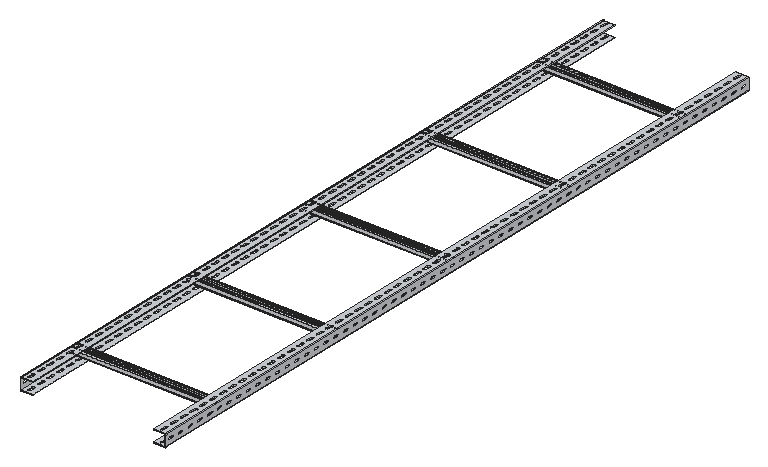
Revit family "steigeleiter_6_FT_FTSO_FTK_A2_A4.600rfa", category Generic Models, Revit 2017
Family settings
  Can host rebar = No
  Round Connector Dimension = Use Diameter
  Part Type = Normal
  Work Plane-Based = No
  Always vertical = Yes
  Cut with Voids When Loaded = No
  Shared = No
  Room Calculation Point = No
Parameters (values of type "SLM50C40 6FTK RW")
  Width 1 = Width / 2  # 300 mm
  Width = 600 mm
  URL = "http://www.obo-bettermann.com"
  Material = Polyester / Epoxid
  Manufacturer Art.No. = "6010581"
  Manufacturer = "OBO BETTERMANN"
  Length 2 = 273.5 mm
  Length = 3000 mm
  GTIN = "4012196691357"
  Cut's space 2 = 600 mm
  Cut's space = 50 mm
  Cut's number 3 = 2
  Cut's number 2 = 5
  Cut's number = Length / Cut's space  # 60
  Article Type = "SLM50C40 6FTK RW"
Reference planes
  plane 1 "Center (Front/Back)": y = 0
  plane 2: z = 0
  plane 3 "Center (Left/Right)": x = 0
  plane 4: z = 50
  plane 5: y = 3000
  plane 6: y = 273.5
Forms (mm)
  Extrusion 1, solid
    sketch origin (0, 0, 0) x (1, 0, 0) y (0, 0, 1)
      loop
        arc (-296, 2.5) -> (-297.061, 2.939) -> (-297.5, 4) r 1.5
        line (-297.5, 4) -> (-297.5, 46)
        arc (-297.5, 46) -> (-297.061, 47.061) -> (-296, 47.5) r 1.5
        line (-296, 47.5) -> (-250, 47.5) -> (-250, 50) -> (-296, 50)
        arc (-296, 50) -> (-298.828, 48.828) -> (-300, 46) r 4
        line (-300, 46) -> (-300, 4)
        arc (-300, 4) -> (-298.828, 1.172) -> (-296, 0) r 4
        line (-296, 0) -> (-250, 0) -> (-250, 2.5) -> (-296, 2.5)
      loop
        line (250, 50) -> (250, 47.5) -> (296, 47.5)
        arc (296, 47.5) -> (297.061, 47.061) -> (297.5, 46) r 1.5
        line (297.5, 46) -> (297.5, 4)
        arc (297.5, 4) -> (297.061, 2.939) -> (296, 2.5) r 1.5
        line (296, 2.5) -> (250, 2.5) -> (250, 0) -> (299.273, 0)
        arc (299.273, 0) -> (299.787, 0.213) -> (300, 0.727) r 0.727
        line (300, 0.727) -> (300, 47.011)
        arc (300, 47.011) -> (299.124, 49.124) -> (297.011, 50) r 2.989
        line (297.011, 50) -> (250, 50)
    from 0 to -3000
  Extrusion 2, void
    sketch origin (0, 0, 0) x (1, 0, 0) y (0, 1, 0)
      loop
        arc (-280.5, 15.5) -> (-275, 10) -> (-269.5, 15.5) r 5.5
        line (-269.5, 15.5) -> (-269.5, 34.5)
        arc (-269.5, 34.5) -> (-275, 40) -> (-280.5, 34.5) r 5.5
        line (-280.5, 34.5) -> (-280.5, 15.5)
    from 47.5 to 50
  Extrusion 3, void
    sketch origin (0, 50, 0) x (1, 0, 0) y (0, 1, 0)
      loop
        arc (-280.5, 15.5) -> (-275, 10) -> (-269.5, 15.5) r 5.5
        line (-269.5, 15.5) -> (-269.5, 34.5)
        arc (-269.5, 34.5) -> (-275, 40) -> (-280.5, 34.5) r 5.5
        line (-280.5, 34.5) -> (-280.5, 15.5)
    from 47.5 to 50
  Extrusion 4, void
    sketch origin (0, 100, 0) x (1, 0, 0) y (0, 1, 0)
      loop
        arc (-280.5, 15.5) -> (-275, 10) -> (-269.5, 15.5) r 5.5
        line (-269.5, 15.5) -> (-269.5, 34.5)
        arc (-269.5, 34.5) -> (-275, 40) -> (-280.5, 34.5) r 5.5
        line (-280.5, 34.5) -> (-280.5, 15.5)
    from 47.5 to 50
  Extrusion 5, void
    sketch origin (0, 150, 0) x (1, 0, 0) y (0, 1, 0)
      loop
        arc (-280.5, 15.5) -> (-275, 10) -> (-269.5, 15.5) r 5.5
        line (-269.5, 15.5) -> (-269.5, 34.5)
        arc (-269.5, 34.5) -> (-275, 40) -> (-280.5, 34.5) r 5.5
        line (-280.5, 34.5) -> (-280.5, 15.5)
    from 47.5 to 50
  Extrusion 6, void
    sketch origin (0, 200, 0) x (1, 0, 0) y (0, 1, 0)
      loop
        arc (-280.5, 15.5) -> (-275, 10) -> (-269.5, 15.5) r 5.5
        line (-269.5, 15.5) -> (-269.5, 34.5)
        arc (-269.5, 34.5) -> (-275, 40) -> (-280.5, 34.5) r 5.5
        line (-280.5, 34.5) -> (-280.5, 15.5)
    from 47.5 to 50
  Extrusion 7, void
    sketch origin (0, 250, 0) x (1, 0, 0) y (0, 1, 0)
      loop
        arc (-280.5, 15.5) -> (-275, 10) -> (-269.5, 15.5) r 5.5
        line (-269.5, 15.5) -> (-269.5, 34.5)
        arc (-269.5, 34.5) -> (-275, 40) -> (-280.5, 34.5) r 5.5
        line (-280.5, 34.5) -> (-280.5, 15.5)
    from 47.5 to 50
  Extrusion 8, void
    sketch origin (0, 300, 0) x (1, 0, 0) y (0, 1, 0)
      loop
        arc (-280.5, 15.5) -> (-275, 10) -> (-269.5, 15.5) r 5.5
        line (-269.5, 15.5) -> (-269.5, 34.5)
        arc (-269.5, 34.5) -> (-275, 40) -> (-280.5, 34.5) r 5.5
        line (-280.5, 34.5) -> (-280.5, 15.5)
    from 47.5 to 50
  Extrusion 9, void
    sketch origin (0, 350, 0) x (1, 0, 0) y (0, 1, 0)
      loop
        arc (-280.5, 15.5) -> (-275, 10) -> (-269.5, 15.5) r 5.5
        line (-269.5, 15.5) -> (-269.5, 34.5)
        arc (-269.5, 34.5) -> (-275, 40) -> (-280.5, 34.5) r 5.5
        line (-280.5, 34.5) -> (-280.5, 15.5)
    from 47.5 to 50
  Extrusion 10, void
    sketch origin (0, 400, 0) x (1, 0, 0) y (0, 1, 0)
      loop
        arc (-280.5, 15.5) -> (-275, 10) -> (-269.5, 15.5) r 5.5
        line (-269.5, 15.5) -> (-269.5, 34.5)
        arc (-269.5, 34.5) -> (-275, 40) -> (-280.5, 34.5) r 5.5
        line (-280.5, 34.5) -> (-280.5, 15.5)
    from 47.5 to 50
  Extrusion 11, void
    sketch origin (0, 450, 0) x (1, 0, 0) y (0, 1, 0)
      loop
        arc (-280.5, 15.5) -> (-275, 10) -> (-269.5, 15.5) r 5.5
        line (-269.5, 15.5) -> (-269.5, 34.5)
        arc (-269.5, 34.5) -> (-275, 40) -> (-280.5, 34.5) r 5.5
        line (-280.5, 34.5) -> (-280.5, 15.5)
    from 47.5 to 50
  Extrusion 12, void
    sketch origin (0, 500, 0) x (1, 0, 0) y (0, 1, 0)
      loop
        arc (-280.5, 15.5) -> (-275, 10) -> (-269.5, 15.5) r 5.5
        line (-269.5, 15.5) -> (-269.5, 34.5)
        arc (-269.5, 34.5) -> (-275, 40) -> (-280.5, 34.5) r 5.5
        line (-280.5, 34.5) -> (-280.5, 15.5)
    from 47.5 to 50
  Extrusion 13, void
    sketch origin (0, 550, 0) x (1, 0, 0) y (0, 1, 0)
      loop
        arc (-280.5, 15.5) -> (-275, 10) -> (-269.5, 15.5) r 5.5
        line (-269.5, 15.5) -> (-269.5, 34.5)
        arc (-269.5, 34.5) -> (-275, 40) -> (-280.5, 34.5) r 5.5
        line (-280.5, 34.5) -> (-280.5, 15.5)
    from 47.5 to 50
  Extrusion 14, void
    sketch origin (0, 600, 0) x (1, 0, 0) y (0, 1, 0)
      loop
        arc (-280.5, 15.5) -> (-275, 10) -> (-269.5, 15.5) r 5.5
        line (-269.5, 15.5) -> (-269.5, 34.5)
        arc (-269.5, 34.5) -> (-275, 40) -> (-280.5, 34.5) r 5.5
        line (-280.5, 34.5) -> (-280.5, 15.5)
    from 47.5 to 50
  Extrusion 15, void
    sketch origin (0, 650, 0) x (1, 0, 0) y (0, 1, 0)
      loop
        arc (-280.5, 15.5) -> (-275, 10) -> (-269.5, 15.5) r 5.5
        line (-269.5, 15.5) -> (-269.5, 34.5)
        arc (-269.5, 34.5) -> (-275, 40) -> (-280.5, 34.5) r 5.5
        line (-280.5, 34.5) -> (-280.5, 15.5)
    from 47.5 to 50
  Extrusion 16, void
    sketch origin (0, 700, 0) x (1, 0, 0) y (0, 1, 0)
      loop
        arc (-280.5, 15.5) -> (-275, 10) -> (-269.5, 15.5) r 5.5
        line (-269.5, 15.5) -> (-269.5, 34.5)
        arc (-269.5, 34.5) -> (-275, 40) -> (-280.5, 34.5) r 5.5
        line (-280.5, 34.5) -> (-280.5, 15.5)
    from 47.5 to 50
  Extrusion 17, void
    sketch origin (0, 750, 0) x (1, 0, 0) y (0, 1, 0)
      loop
        arc (-280.5, 15.5) -> (-275, 10) -> (-269.5, 15.5) r 5.5
        line (-269.5, 15.5) -> (-269.5, 34.5)
        arc (-269.5, 34.5) -> (-275, 40) -> (-280.5, 34.5) r 5.5
        line (-280.5, 34.5) -> (-280.5, 15.5)
    from 47.5 to 50
  Extrusion 18, void
    sketch origin (0, 800, 0) x (1, 0, 0) y (0, 1, 0)
      loop
        arc (-280.5, 15.5) -> (-275, 10) -> (-269.5, 15.5) r 5.5
        line (-269.5, 15.5) -> (-269.5, 34.5)
        arc (-269.5, 34.5) -> (-275, 40) -> (-280.5, 34.5) r 5.5
        line (-280.5, 34.5) -> (-280.5, 15.5)
    from 47.5 to 50
  Extrusion 19, void
    sketch origin (0, 850, 0) x (1, 0, 0) y (0, 1, 0)
      loop
        arc (-280.5, 15.5) -> (-275, 10) -> (-269.5, 15.5) r 5.5
        line (-269.5, 15.5) -> (-269.5, 34.5)
        arc (-269.5, 34.5) -> (-275, 40) -> (-280.5, 34.5) r 5.5
        line (-280.5, 34.5) -> (-280.5, 15.5)
    from 47.5 to 50
  Extrusion 20, void
    sketch origin (0, 900, 0) x (1, 0, 0) y (0, 1, 0)
      loop
        arc (-280.5, 15.5) -> (-275, 10) -> (-269.5, 15.5) r 5.5
        line (-269.5, 15.5) -> (-269.5, 34.5)
        arc (-269.5, 34.5) -> (-275, 40) -> (-280.5, 34.5) r 5.5
        line (-280.5, 34.5) -> (-280.5, 15.5)
    from 47.5 to 50
  Extrusion 21, void
    sketch origin (0, 950, 0) x (1, 0, 0) y (0, 1, 0)
      loop
        arc (-280.5, 15.5) -> (-275, 10) -> (-269.5, 15.5) r 5.5
        line (-269.5, 15.5) -> (-269.5, 34.5)
        arc (-269.5, 34.5) -> (-275, 40) -> (-280.5, 34.5) r 5.5
        line (-280.5, 34.5) -> (-280.5, 15.5)
    from 47.5 to 50
  Extrusion 22, void
    sketch origin (0, 1000, 0) x (1, 0, 0) y (0, 1, 0)
      loop
        arc (-280.5, 15.5) -> (-275, 10) -> (-269.5, 15.5) r 5.5
        line (-269.5, 15.5) -> (-269.5, 34.5)
        arc (-269.5, 34.5) -> (-275, 40) -> (-280.5, 34.5) r 5.5
        line (-280.5, 34.5) -> (-280.5, 15.5)
    from 47.5 to 50
  Extrusion 23, void
    sketch origin (0, 1050, 0) x (1, 0, 0) y (0, 1, 0)
      loop
        arc (-280.5, 15.5) -> (-275, 10) -> (-269.5, 15.5) r 5.5
        line (-269.5, 15.5) -> (-269.5, 34.5)
        arc (-269.5, 34.5) -> (-275, 40) -> (-280.5, 34.5) r 5.5
        line (-280.5, 34.5) -> (-280.5, 15.5)
    from 47.5 to 50
  Extrusion 24, void
    sketch origin (0, 1100, 0) x (1, 0, 0) y (0, 1, 0)
      loop
        arc (-280.5, 15.5) -> (-275, 10) -> (-269.5, 15.5) r 5.5
        line (-269.5, 15.5) -> (-269.5, 34.5)
        arc (-269.5, 34.5) -> (-275, 40) -> (-280.5, 34.5) r 5.5
        line (-280.5, 34.5) -> (-280.5, 15.5)
    from 47.5 to 50
  Extrusion 25, void
    sketch origin (0, 1150, 0) x (1, 0, 0) y (0, 1, 0)
      loop
        arc (-280.5, 15.5) -> (-275, 10) -> (-269.5, 15.5) r 5.5
        line (-269.5, 15.5) -> (-269.5, 34.5)
        arc (-269.5, 34.5) -> (-275, 40) -> (-280.5, 34.5) r 5.5
        line (-280.5, 34.5) -> (-280.5, 15.5)
    from 47.5 to 50
  Extrusion 26, void
    sketch origin (0, 1200, 0) x (1, 0, 0) y (0, 1, 0)
      loop
        arc (-280.5, 15.5) -> (-275, 10) -> (-269.5, 15.5) r 5.5
        line (-269.5, 15.5) -> (-269.5, 34.5)
        arc (-269.5, 34.5) -> (-275, 40) -> (-280.5, 34.5) r 5.5
        line (-280.5, 34.5) -> (-280.5, 15.5)
    from 47.5 to 50
  Extrusion 27, void
    sketch origin (0, 1250, 0) x (1, 0, 0) y (0, 1, 0)
      loop
        arc (-280.5, 15.5) -> (-275, 10) -> (-269.5, 15.5) r 5.5
        line (-269.5, 15.5) -> (-269.5, 34.5)
        arc (-269.5, 34.5) -> (-275, 40) -> (-280.5, 34.5) r 5.5
        line (-280.5, 34.5) -> (-280.5, 15.5)
    from 47.5 to 50
  Extrusion 28, void
    sketch origin (0, 1300, 0) x (1, 0, 0) y (0, 1, 0)
      loop
        arc (-280.5, 15.5) -> (-275, 10) -> (-269.5, 15.5) r 5.5
        line (-269.5, 15.5) -> (-269.5, 34.5)
        arc (-269.5, 34.5) -> (-275, 40) -> (-280.5, 34.5) r 5.5
        line (-280.5, 34.5) -> (-280.5, 15.5)
    from 47.5 to 50
  Extrusion 29, void
    sketch origin (0, 1350, 0) x (1, 0, 0) y (0, 1, 0)
      loop
        arc (-280.5, 15.5) -> (-275, 10) -> (-269.5, 15.5) r 5.5
        line (-269.5, 15.5) -> (-269.5, 34.5)
        arc (-269.5, 34.5) -> (-275, 40) -> (-280.5, 34.5) r 5.5
        line (-280.5, 34.5) -> (-280.5, 15.5)
    from 47.5 to 50
  Extrusion 30, void
    sketch origin (0, 1400, 0) x (1, 0, 0) y (0, 1, 0)
      loop
        arc (-280.5, 15.5) -> (-275, 10) -> (-269.5, 15.5) r 5.5
        line (-269.5, 15.5) -> (-269.5, 34.5)
        arc (-269.5, 34.5) -> (-275, 40) -> (-280.5, 34.5) r 5.5
        line (-280.5, 34.5) -> (-280.5, 15.5)
    from 47.5 to 50
  Extrusion 31, void
    sketch origin (0, 1450, 0) x (1, 0, 0) y (0, 1, 0)
      loop
        arc (-280.5, 15.5) -> (-275, 10) -> (-269.5, 15.5) r 5.5
        line (-269.5, 15.5) -> (-269.5, 34.5)
        arc (-269.5, 34.5) -> (-275, 40) -> (-280.5, 34.5) r 5.5
        line (-280.5, 34.5) -> (-280.5, 15.5)
    from 47.5 to 50
  Extrusion 32, void
    sketch origin (0, 1500, 0) x (1, 0, 0) y (0, 1, 0)
      loop
        arc (-280.5, 15.5) -> (-275, 10) -> (-269.5, 15.5) r 5.5
        line (-269.5, 15.5) -> (-269.5, 34.5)
        arc (-269.5, 34.5) -> (-275, 40) -> (-280.5, 34.5) r 5.5
        line (-280.5, 34.5) -> (-280.5, 15.5)
    from 47.5 to 50
  Extrusion 33, void
    sketch origin (0, 1550, 0) x (1, 0, 0) y (0, 1, 0)
      loop
        arc (-280.5, 15.5) -> (-275, 10) -> (-269.5, 15.5) r 5.5
        line (-269.5, 15.5) -> (-269.5, 34.5)
        arc (-269.5, 34.5) -> (-275, 40) -> (-280.5, 34.5) r 5.5
        line (-280.5, 34.5) -> (-280.5, 15.5)
    from 47.5 to 50
  Extrusion 34, void
    sketch origin (0, 1600, 0) x (1, 0, 0) y (0, 1, 0)
      loop
        arc (-280.5, 15.5) -> (-275, 10) -> (-269.5, 15.5) r 5.5
        line (-269.5, 15.5) -> (-269.5, 34.5)
        arc (-269.5, 34.5) -> (-275, 40) -> (-280.5, 34.5) r 5.5
        line (-280.5, 34.5) -> (-280.5, 15.5)
    from 47.5 to 50
  Extrusion 35, void
    sketch origin (0, 1650, 0) x (1, 0, 0) y (0, 1, 0)
      loop
        arc (-280.5, 15.5) -> (-275, 10) -> (-269.5, 15.5) r 5.5
        line (-269.5, 15.5) -> (-269.5, 34.5)
        arc (-269.5, 34.5) -> (-275, 40) -> (-280.5, 34.5) r 5.5
        line (-280.5, 34.5) -> (-280.5, 15.5)
    from 47.5 to 50
  Extrusion 36, void
    sketch origin (0, 1700, 0) x (1, 0, 0) y (0, 1, 0)
      loop
        arc (-280.5, 15.5) -> (-275, 10) -> (-269.5, 15.5) r 5.5
        line (-269.5, 15.5) -> (-269.5, 34.5)
        arc (-269.5, 34.5) -> (-275, 40) -> (-280.5, 34.5) r 5.5
        line (-280.5, 34.5) -> (-280.5, 15.5)
    from 47.5 to 50
  Extrusion 37, void
    sketch origin (0, 1750, 0) x (1, 0, 0) y (0, 1, 0)
      loop
        arc (-280.5, 15.5) -> (-275, 10) -> (-269.5, 15.5) r 5.5
        line (-269.5, 15.5) -> (-269.5, 34.5)
        arc (-269.5, 34.5) -> (-275, 40) -> (-280.5, 34.5) r 5.5
        line (-280.5, 34.5) -> (-280.5, 15.5)
    from 47.5 to 50
  Extrusion 38, void
    sketch origin (0, 1800, 0) x (1, 0, 0) y (0, 1, 0)
      loop
        arc (-280.5, 15.5) -> (-275, 10) -> (-269.5, 15.5) r 5.5
        line (-269.5, 15.5) -> (-269.5, 34.5)
        arc (-269.5, 34.5) -> (-275, 40) -> (-280.5, 34.5) r 5.5
        line (-280.5, 34.5) -> (-280.5, 15.5)
    from 47.5 to 50
  Extrusion 39, void
    sketch origin (0, 1850, 0) x (1, 0, 0) y (0, 1, 0)
      loop
        arc (-280.5, 15.5) -> (-275, 10) -> (-269.5, 15.5) r 5.5
        line (-269.5, 15.5) -> (-269.5, 34.5)
        arc (-269.5, 34.5) -> (-275, 40) -> (-280.5, 34.5) r 5.5
        line (-280.5, 34.5) -> (-280.5, 15.5)
    from 47.5 to 50
  Extrusion 40, void
    sketch origin (0, 1900, 0) x (1, 0, 0) y (0, 1, 0)
      loop
        arc (-280.5, 15.5) -> (-275, 10) -> (-269.5, 15.5) r 5.5
        line (-269.5, 15.5) -> (-269.5, 34.5)
        arc (-269.5, 34.5) -> (-275, 40) -> (-280.5, 34.5) r 5.5
        line (-280.5, 34.5) -> (-280.5, 15.5)
    from 47.5 to 50
  Extrusion 41, void
    sketch origin (0, 1950, 0) x (1, 0, 0) y (0, 1, 0)
      loop
        arc (-280.5, 15.5) -> (-275, 10) -> (-269.5, 15.5) r 5.5
        line (-269.5, 15.5) -> (-269.5, 34.5)
        arc (-269.5, 34.5) -> (-275, 40) -> (-280.5, 34.5) r 5.5
        line (-280.5, 34.5) -> (-280.5, 15.5)
    from 47.5 to 50
  Extrusion 42, void
    sketch origin (0, 2000, 0) x (1, 0, 0) y (0, 1, 0)
      loop
        arc (-280.5, 15.5) -> (-275, 10) -> (-269.5, 15.5) r 5.5
        line (-269.5, 15.5) -> (-269.5, 34.5)
        arc (-269.5, 34.5) -> (-275, 40) -> (-280.5, 34.5) r 5.5
        line (-280.5, 34.5) -> (-280.5, 15.5)
    from 47.5 to 50
  Extrusion 43, void
    sketch origin (0, 2050, 0) x (1, 0, 0) y (0, 1, 0)
      loop
        arc (-280.5, 15.5) -> (-275, 10) -> (-269.5, 15.5) r 5.5
        line (-269.5, 15.5) -> (-269.5, 34.5)
        arc (-269.5, 34.5) -> (-275, 40) -> (-280.5, 34.5) r 5.5
        line (-280.5, 34.5) -> (-280.5, 15.5)
    from 47.5 to 50
  Extrusion 44, void
    sketch origin (0, 2100, 0) x (1, 0, 0) y (0, 1, 0)
      loop
        arc (-280.5, 15.5) -> (-275, 10) -> (-269.5, 15.5) r 5.5
        line (-269.5, 15.5) -> (-269.5, 34.5)
        arc (-269.5, 34.5) -> (-275, 40) -> (-280.5, 34.5) r 5.5
        line (-280.5, 34.5) -> (-280.5, 15.5)
    from 47.5 to 50
  Extrusion 45, void
    sketch origin (0, 2150, 0) x (1, 0, 0) y (0, 1, 0)
      loop
        arc (-280.5, 15.5) -> (-275, 10) -> (-269.5, 15.5) r 5.5
        line (-269.5, 15.5) -> (-269.5, 34.5)
        arc (-269.5, 34.5) -> (-275, 40) -> (-280.5, 34.5) r 5.5
        line (-280.5, 34.5) -> (-280.5, 15.5)
    from 47.5 to 50
  Extrusion 46, void
    sketch origin (0, 2200, 0) x (1, 0, 0) y (0, 1, 0)
      loop
        arc (-280.5, 15.5) -> (-275, 10) -> (-269.5, 15.5) r 5.5
        line (-269.5, 15.5) -> (-269.5, 34.5)
        arc (-269.5, 34.5) -> (-275, 40) -> (-280.5, 34.5) r 5.5
        line (-280.5, 34.5) -> (-280.5, 15.5)
    from 47.5 to 50
  Extrusion 47, void
    sketch origin (0, 2250, 0) x (1, 0, 0) y (0, 1, 0)
      loop
        arc (-280.5, 15.5) -> (-275, 10) -> (-269.5, 15.5) r 5.5
        line (-269.5, 15.5) -> (-269.5, 34.5)
        arc (-269.5, 34.5) -> (-275, 40) -> (-280.5, 34.5) r 5.5
        line (-280.5, 34.5) -> (-280.5, 15.5)
    from 47.5 to 50
  Extrusion 48, void
    sketch origin (0, 2300, 0) x (1, 0, 0) y (0, 1, 0)
      loop
        arc (-280.5, 15.5) -> (-275, 10) -> (-269.5, 15.5) r 5.5
        line (-269.5, 15.5) -> (-269.5, 34.5)
        arc (-269.5, 34.5) -> (-275, 40) -> (-280.5, 34.5) r 5.5
        line (-280.5, 34.5) -> (-280.5, 15.5)
    from 47.5 to 50
  Extrusion 49, void
    sketch origin (0, 2350, 0) x (1, 0, 0) y (0, 1, 0)
      loop
        arc (-280.5, 15.5) -> (-275, 10) -> (-269.5, 15.5) r 5.5
        line (-269.5, 15.5) -> (-269.5, 34.5)
        arc (-269.5, 34.5) -> (-275, 40) -> (-280.5, 34.5) r 5.5
        line (-280.5, 34.5) -> (-280.5, 15.5)
    from 47.5 to 50
  Extrusion 50, void
    sketch origin (0, 2400, 0) x (1, 0, 0) y (0, 1, 0)
      loop
        arc (-280.5, 15.5) -> (-275, 10) -> (-269.5, 15.5) r 5.5
        line (-269.5, 15.5) -> (-269.5, 34.5)
        arc (-269.5, 34.5) -> (-275, 40) -> (-280.5, 34.5) r 5.5
        line (-280.5, 34.5) -> (-280.5, 15.5)
    from 47.5 to 50
  Extrusion 51, void
    sketch origin (0, 2450, 0) x (1, 0, 0) y (0, 1, 0)
      loop
        arc (-280.5, 15.5) -> (-275, 10) -> (-269.5, 15.5) r 5.5
        line (-269.5, 15.5) -> (-269.5, 34.5)
        arc (-269.5, 34.5) -> (-275, 40) -> (-280.5, 34.5) r 5.5
        line (-280.5, 34.5) -> (-280.5, 15.5)
    from 47.5 to 50
  Extrusion 52, void
    sketch origin (0, 2500, 0) x (1, 0, 0) y (0, 1, 0)
      loop
        arc (-280.5, 15.5) -> (-275, 10) -> (-269.5, 15.5) r 5.5
        line (-269.5, 15.5) -> (-269.5, 34.5)
        arc (-269.5, 34.5) -> (-275, 40) -> (-280.5, 34.5) r 5.5
        line (-280.5, 34.5) -> (-280.5, 15.5)
    from 47.5 to 50
  Extrusion 53, void
    sketch origin (0, 2550, 0) x (1, 0, 0) y (0, 1, 0)
      loop
        arc (-280.5, 15.5) -> (-275, 10) -> (-269.5, 15.5) r 5.5
        line (-269.5, 15.5) -> (-269.5, 34.5)
        arc (-269.5, 34.5) -> (-275, 40) -> (-280.5, 34.5) r 5.5
        line (-280.5, 34.5) -> (-280.5, 15.5)
    from 47.5 to 50
  Extrusion 54, void
    sketch origin (0, 2600, 0) x (1, 0, 0) y (0, 1, 0)
      loop
        arc (-280.5, 15.5) -> (-275, 10) -> (-269.5, 15.5) r 5.5
        line (-269.5, 15.5) -> (-269.5, 34.5)
        arc (-269.5, 34.5) -> (-275, 40) -> (-280.5, 34.5) r 5.5
        line (-280.5, 34.5) -> (-280.5, 15.5)
    from 47.5 to 50
  Extrusion 55, void
    sketch origin (0, 2650, 0) x (1, 0, 0) y (0, 1, 0)
      loop
        arc (-280.5, 15.5) -> (-275, 10) -> (-269.5, 15.5) r 5.5
        line (-269.5, 15.5) -> (-269.5, 34.5)
        arc (-269.5, 34.5) -> (-275, 40) -> (-280.5, 34.5) r 5.5
        line (-280.5, 34.5) -> (-280.5, 15.5)
    from 47.5 to 50
  Extrusion 56, void
    sketch origin (0, 2700, 0) x (1, 0, 0) y (0, 1, 0)
      loop
        arc (-280.5, 15.5) -> (-275, 10) -> (-269.5, 15.5) r 5.5
        line (-269.5, 15.5) -> (-269.5, 34.5)
        arc (-269.5, 34.5) -> (-275, 40) -> (-280.5, 34.5) r 5.5
        line (-280.5, 34.5) -> (-280.5, 15.5)
    from 47.5 to 50
  Extrusion 57, void
    sketch origin (0, 2750, 0) x (1, 0, 0) y (0, 1, 0)
      loop
        arc (-280.5, 15.5) -> (-275, 10) -> (-269.5, 15.5) r 5.5
        line (-269.5, 15.5) -> (-269.5, 34.5)
        arc (-269.5, 34.5) -> (-275, 40) -> (-280.5, 34.5) r 5.5
        line (-280.5, 34.5) -> (-280.5, 15.5)
    from 47.5 to 50
  Extrusion 58, void
    sketch origin (0, 2800, 0) x (1, 0, 0) y (0, 1, 0)
      loop
        arc (-280.5, 15.5) -> (-275, 10) -> (-269.5, 15.5) r 5.5
        line (-269.5, 15.5) -> (-269.5, 34.5)
        arc (-269.5, 34.5) -> (-275, 40) -> (-280.5, 34.5) r 5.5
        line (-280.5, 34.5) -> (-280.5, 15.5)
    from 47.5 to 50
  Extrusion 59, void
    sketch origin (0, 2850, 0) x (1, 0, 0) y (0, 1, 0)
      loop
        arc (-280.5, 15.5) -> (-275, 10) -> (-269.5, 15.5) r 5.5
        line (-269.5, 15.5) -> (-269.5, 34.5)
        arc (-269.5, 34.5) -> (-275, 40) -> (-280.5, 34.5) r 5.5
        line (-280.5, 34.5) -> (-280.5, 15.5)
    from 47.5 to 50
  Extrusion 60, void
    sketch origin (0, 2900, 0) x (1, 0, 0) y (0, 1, 0)
      loop
        arc (-280.5, 15.5) -> (-275, 10) -> (-269.5, 15.5) r 5.5
        line (-269.5, 15.5) -> (-269.5, 34.5)
        arc (-269.5, 34.5) -> (-275, 40) -> (-280.5, 34.5) r 5.5
        line (-280.5, 34.5) -> (-280.5, 15.5)
    from 47.5 to 50
  Extrusion 61, void
    sketch origin (0, 2950, 0) x (1, 0, 0) y (0, 1, 0)
      loop
        arc (-280.5, 15.5) -> (-275, 10) -> (-269.5, 15.5) r 5.5
        line (-269.5, 15.5) -> (-269.5, 34.5)
        arc (-269.5, 34.5) -> (-275, 40) -> (-280.5, 34.5) r 5.5
        line (-280.5, 34.5) -> (-280.5, 15.5)
    from 47.5 to 50
  Extrusion 62, void
    sketch origin (0, 0, 0) x (1, 0, 0) y (0, 1, 0)
      loop
        arc (269.5, 15.5) -> (275, 10) -> (280.5, 15.5) r 5.5
        line (280.5, 15.5) -> (280.5, 34.5)
        arc (280.5, 34.5) -> (275, 40) -> (269.5, 34.5) r 5.5
        line (269.5, 34.5) -> (269.5, 15.5)
    from 47.5 to 50
  Extrusion 63, void
    sketch origin (0, 50, 0) x (1, 0, 0) y (0, 1, 0)
      loop
        arc (269.5, 15.5) -> (275, 10) -> (280.5, 15.5) r 5.5
        line (280.5, 15.5) -> (280.5, 34.5)
        arc (280.5, 34.5) -> (275, 40) -> (269.5, 34.5) r 5.5
        line (269.5, 34.5) -> (269.5, 15.5)
    from 47.5 to 50
  Extrusion 64, void
    sketch origin (0, 100, 0) x (1, 0, 0) y (0, 1, 0)
      loop
        arc (269.5, 15.5) -> (275, 10) -> (280.5, 15.5) r 5.5
        line (280.5, 15.5) -> (280.5, 34.5)
        arc (280.5, 34.5) -> (275, 40) -> (269.5, 34.5) r 5.5
        line (269.5, 34.5) -> (269.5, 15.5)
    from 47.5 to 50
  Extrusion 65, void
    sketch origin (0, 150, 0) x (1, 0, 0) y (0, 1, 0)
      loop
        arc (269.5, 15.5) -> (275, 10) -> (280.5, 15.5) r 5.5
        line (280.5, 15.5) -> (280.5, 34.5)
        arc (280.5, 34.5) -> (275, 40) -> (269.5, 34.5) r 5.5
        line (269.5, 34.5) -> (269.5, 15.5)
    from 47.5 to 50
  Extrusion 66, void
    sketch origin (0, 200, 0) x (1, 0, 0) y (0, 1, 0)
      loop
        arc (269.5, 15.5) -> (275, 10) -> (280.5, 15.5) r 5.5
        line (280.5, 15.5) -> (280.5, 34.5)
        arc (280.5, 34.5) -> (275, 40) -> (269.5, 34.5) r 5.5
        line (269.5, 34.5) -> (269.5, 15.5)
    from 47.5 to 50
  Extrusion 67, void
    sketch origin (0, 250, 0) x (1, 0, 0) y (0, 1, 0)
      loop
        arc (269.5, 15.5) -> (275, 10) -> (280.5, 15.5) r 5.5
        line (280.5, 15.5) -> (280.5, 34.5)
        arc (280.5, 34.5) -> (275, 40) -> (269.5, 34.5) r 5.5
        line (269.5, 34.5) -> (269.5, 15.5)
    from 47.5 to 50
  Extrusion 68, void
    sketch origin (0, 300, 0) x (1, 0, 0) y (0, 1, 0)
      loop
        arc (269.5, 15.5) -> (275, 10) -> (280.5, 15.5) r 5.5
        line (280.5, 15.5) -> (280.5, 34.5)
        arc (280.5, 34.5) -> (275, 40) -> (269.5, 34.5) r 5.5
        line (269.5, 34.5) -> (269.5, 15.5)
    from 47.5 to 50
  Extrusion 69, void
    sketch origin (0, 350, 0) x (1, 0, 0) y (0, 1, 0)
      loop
        arc (269.5, 15.5) -> (275, 10) -> (280.5, 15.5) r 5.5
        line (280.5, 15.5) -> (280.5, 34.5)
        arc (280.5, 34.5) -> (275, 40) -> (269.5, 34.5) r 5.5
        line (269.5, 34.5) -> (269.5, 15.5)
    from 47.5 to 50
  Extrusion 70, void
    sketch origin (0, 400, 0) x (1, 0, 0) y (0, 1, 0)
      loop
        arc (269.5, 15.5) -> (275, 10) -> (280.5, 15.5) r 5.5
        line (280.5, 15.5) -> (280.5, 34.5)
        arc (280.5, 34.5) -> (275, 40) -> (269.5, 34.5) r 5.5
        line (269.5, 34.5) -> (269.5, 15.5)
    from 47.5 to 50
  Extrusion 71, void
    sketch origin (0, 450, 0) x (1, 0, 0) y (0, 1, 0)
      loop
        arc (269.5, 15.5) -> (275, 10) -> (280.5, 15.5) r 5.5
        line (280.5, 15.5) -> (280.5, 34.5)
        arc (280.5, 34.5) -> (275, 40) -> (269.5, 34.5) r 5.5
        line (269.5, 34.5) -> (269.5, 15.5)
    from 47.5 to 50
  Extrusion 72, void
    sketch origin (0, 500, 0) x (1, 0, 0) y (0, 1, 0)
      loop
        arc (269.5, 15.5) -> (275, 10) -> (280.5, 15.5) r 5.5
        line (280.5, 15.5) -> (280.5, 34.5)
        arc (280.5, 34.5) -> (275, 40) -> (269.5, 34.5) r 5.5
        line (269.5, 34.5) -> (269.5, 15.5)
    from 47.5 to 50
  Extrusion 73, void
    sketch origin (0, 550, 0) x (1, 0, 0) y (0, 1, 0)
      loop
        arc (269.5, 15.5) -> (275, 10) -> (280.5, 15.5) r 5.5
        line (280.5, 15.5) -> (280.5, 34.5)
        arc (280.5, 34.5) -> (275, 40) -> (269.5, 34.5) r 5.5
        line (269.5, 34.5) -> (269.5, 15.5)
    from 47.5 to 50
  Extrusion 74, void
    sketch origin (0, 600, 0) x (1, 0, 0) y (0, 1, 0)
      loop
        arc (269.5, 15.5) -> (275, 10) -> (280.5, 15.5) r 5.5
        line (280.5, 15.5) -> (280.5, 34.5)
        arc (280.5, 34.5) -> (275, 40) -> (269.5, 34.5) r 5.5
        line (269.5, 34.5) -> (269.5, 15.5)
    from 47.5 to 50
  Extrusion 75, void
    sketch origin (0, 650, 0) x (1, 0, 0) y (0, 1, 0)
      loop
        arc (269.5, 15.5) -> (275, 10) -> (280.5, 15.5) r 5.5
        line (280.5, 15.5) -> (280.5, 34.5)
        arc (280.5, 34.5) -> (275, 40) -> (269.5, 34.5) r 5.5
        line (269.5, 34.5) -> (269.5, 15.5)
    from 47.5 to 50
  Extrusion 76, void
    sketch origin (0, 700, 0) x (1, 0, 0) y (0, 1, 0)
      loop
        arc (269.5, 15.5) -> (275, 10) -> (280.5, 15.5) r 5.5
        line (280.5, 15.5) -> (280.5, 34.5)
        arc (280.5, 34.5) -> (275, 40) -> (269.5, 34.5) r 5.5
        line (269.5, 34.5) -> (269.5, 15.5)
    from 47.5 to 50
  Extrusion 77, void
    sketch origin (0, 750, 0) x (1, 0, 0) y (0, 1, 0)
      loop
        arc (269.5, 15.5) -> (275, 10) -> (280.5, 15.5) r 5.5
        line (280.5, 15.5) -> (280.5, 34.5)
        arc (280.5, 34.5) -> (275, 40) -> (269.5, 34.5) r 5.5
        line (269.5, 34.5) -> (269.5, 15.5)
    from 47.5 to 50
  Extrusion 78, void
    sketch origin (0, 800, 0) x (1, 0, 0) y (0, 1, 0)
      loop
        arc (269.5, 15.5) -> (275, 10) -> (280.5, 15.5) r 5.5
        line (280.5, 15.5) -> (280.5, 34.5)
        arc (280.5, 34.5) -> (275, 40) -> (269.5, 34.5) r 5.5
        line (269.5, 34.5) -> (269.5, 15.5)
    from 47.5 to 50
  Extrusion 79, void
    sketch origin (0, 850, 0) x (1, 0, 0) y (0, 1, 0)
      loop
        arc (269.5, 15.5) -> (275, 10) -> (280.5, 15.5) r 5.5
        line (280.5, 15.5) -> (280.5, 34.5)
        arc (280.5, 34.5) -> (275, 40) -> (269.5, 34.5) r 5.5
        line (269.5, 34.5) -> (269.5, 15.5)
    from 47.5 to 50
  Extrusion 80, void
    sketch origin (0, 900, 0) x (1, 0, 0) y (0, 1, 0)
      loop
        arc (269.5, 15.5) -> (275, 10) -> (280.5, 15.5) r 5.5
        line (280.5, 15.5) -> (280.5, 34.5)
        arc (280.5, 34.5) -> (275, 40) -> (269.5, 34.5) r 5.5
        line (269.5, 34.5) -> (269.5, 15.5)
    from 47.5 to 50
  Extrusion 81, void
    sketch origin (0, 950, 0) x (1, 0, 0) y (0, 1, 0)
      loop
        arc (269.5, 15.5) -> (275, 10) -> (280.5, 15.5) r 5.5
        line (280.5, 15.5) -> (280.5, 34.5)
        arc (280.5, 34.5) -> (275, 40) -> (269.5, 34.5) r 5.5
        line (269.5, 34.5) -> (269.5, 15.5)
    from 47.5 to 50
  Extrusion 82, void
    sketch origin (0, 1000, 0) x (1, 0, 0) y (0, 1, 0)
      loop
        arc (269.5, 15.5) -> (275, 10) -> (280.5, 15.5) r 5.5
        line (280.5, 15.5) -> (280.5, 34.5)
        arc (280.5, 34.5) -> (275, 40) -> (269.5, 34.5) r 5.5
        line (269.5, 34.5) -> (269.5, 15.5)
    from 47.5 to 50
  Extrusion 83, void
    sketch origin (0, 1050, 0) x (1, 0, 0) y (0, 1, 0)
      loop
        arc (269.5, 15.5) -> (275, 10) -> (280.5, 15.5) r 5.5
        line (280.5, 15.5) -> (280.5, 34.5)
        arc (280.5, 34.5) -> (275, 40) -> (269.5, 34.5) r 5.5
        line (269.5, 34.5) -> (269.5, 15.5)
    from 47.5 to 50
  Extrusion 84, void
    sketch origin (0, 1100, 0) x (1, 0, 0) y (0, 1, 0)
      loop
        arc (269.5, 15.5) -> (275, 10) -> (280.5, 15.5) r 5.5
        line (280.5, 15.5) -> (280.5, 34.5)
        arc (280.5, 34.5) -> (275, 40) -> (269.5, 34.5) r 5.5
        line (269.5, 34.5) -> (269.5, 15.5)
    from 47.5 to 50
  Extrusion 85, void
    sketch origin (0, 1150, 0) x (1, 0, 0) y (0, 1, 0)
      loop
        arc (269.5, 15.5) -> (275, 10) -> (280.5, 15.5) r 5.5
        line (280.5, 15.5) -> (280.5, 34.5)
        arc (280.5, 34.5) -> (275, 40) -> (269.5, 34.5) r 5.5
        line (269.5, 34.5) -> (269.5, 15.5)
    from 47.5 to 50
  Extrusion 86, void
    sketch origin (0, 1200, 0) x (1, 0, 0) y (0, 1, 0)
      loop
        arc (269.5, 15.5) -> (275, 10) -> (280.5, 15.5) r 5.5
        line (280.5, 15.5) -> (280.5, 34.5)
        arc (280.5, 34.5) -> (275, 40) -> (269.5, 34.5) r 5.5
        line (269.5, 34.5) -> (269.5, 15.5)
    from 47.5 to 50
  Extrusion 87, void
    sketch origin (0, 1250, 0) x (1, 0, 0) y (0, 1, 0)
      loop
        arc (269.5, 15.5) -> (275, 10) -> (280.5, 15.5) r 5.5
        line (280.5, 15.5) -> (280.5, 34.5)
        arc (280.5, 34.5) -> (275, 40) -> (269.5, 34.5) r 5.5
        line (269.5, 34.5) -> (269.5, 15.5)
    from 47.5 to 50
  Extrusion 88, void
    sketch origin (0, 1300, 0) x (1, 0, 0) y (0, 1, 0)
      loop
        arc (269.5, 15.5) -> (275, 10) -> (280.5, 15.5) r 5.5
        line (280.5, 15.5) -> (280.5, 34.5)
        arc (280.5, 34.5) -> (275, 40) -> (269.5, 34.5) r 5.5
        line (269.5, 34.5) -> (269.5, 15.5)
    from 47.5 to 50
  Extrusion 89, void
    sketch origin (0, 1350, 0) x (1, 0, 0) y (0, 1, 0)
      loop
        arc (269.5, 15.5) -> (275, 10) -> (280.5, 15.5) r 5.5
        line (280.5, 15.5) -> (280.5, 34.5)
        arc (280.5, 34.5) -> (275, 40) -> (269.5, 34.5) r 5.5
        line (269.5, 34.5) -> (269.5, 15.5)
    from 47.5 to 50
  Extrusion 90, void
    sketch origin (0, 1400, 0) x (1, 0, 0) y (0, 1, 0)
      loop
        arc (269.5, 15.5) -> (275, 10) -> (280.5, 15.5) r 5.5
        line (280.5, 15.5) -> (280.5, 34.5)
        arc (280.5, 34.5) -> (275, 40) -> (269.5, 34.5) r 5.5
        line (269.5, 34.5) -> (269.5, 15.5)
    from 47.5 to 50
  Extrusion 91, void
    sketch origin (0, 1450, 0) x (1, 0, 0) y (0, 1, 0)
      loop
        arc (269.5, 15.5) -> (275, 10) -> (280.5, 15.5) r 5.5
        line (280.5, 15.5) -> (280.5, 34.5)
        arc (280.5, 34.5) -> (275, 40) -> (269.5, 34.5) r 5.5
        line (269.5, 34.5) -> (269.5, 15.5)
    from 47.5 to 50
  Extrusion 92, void
    sketch origin (0, 1500, 0) x (1, 0, 0) y (0, 1, 0)
      loop
        arc (269.5, 15.5) -> (275, 10) -> (280.5, 15.5) r 5.5
        line (280.5, 15.5) -> (280.5, 34.5)
        arc (280.5, 34.5) -> (275, 40) -> (269.5, 34.5) r 5.5
        line (269.5, 34.5) -> (269.5, 15.5)
    from 47.5 to 50
  Extrusion 93, void
    sketch origin (0, 1550, 0) x (1, 0, 0) y (0, 1, 0)
      loop
        arc (269.5, 15.5) -> (275, 10) -> (280.5, 15.5) r 5.5
        line (280.5, 15.5) -> (280.5, 34.5)
        arc (280.5, 34.5) -> (275, 40) -> (269.5, 34.5) r 5.5
        line (269.5, 34.5) -> (269.5, 15.5)
    from 47.5 to 50
  Extrusion 94, void
    sketch origin (0, 1600, 0) x (1, 0, 0) y (0, 1, 0)
      loop
        arc (269.5, 15.5) -> (275, 10) -> (280.5, 15.5) r 5.5
        line (280.5, 15.5) -> (280.5, 34.5)
        arc (280.5, 34.5) -> (275, 40) -> (269.5, 34.5) r 5.5
        line (269.5, 34.5) -> (269.5, 15.5)
    from 47.5 to 50
  Extrusion 95, void
    sketch origin (0, 1650, 0) x (1, 0, 0) y (0, 1, 0)
      loop
        arc (269.5, 15.5) -> (275, 10) -> (280.5, 15.5) r 5.5
        line (280.5, 15.5) -> (280.5, 34.5)
        arc (280.5, 34.5) -> (275, 40) -> (269.5, 34.5) r 5.5
        line (269.5, 34.5) -> (269.5, 15.5)
    from 47.5 to 50
  Extrusion 96, void
    sketch origin (0, 1700, 0) x (1, 0, 0) y (0, 1, 0)
      loop
        arc (269.5, 15.5) -> (275, 10) -> (280.5, 15.5) r 5.5
        line (280.5, 15.5) -> (280.5, 34.5)
        arc (280.5, 34.5) -> (275, 40) -> (269.5, 34.5) r 5.5
        line (269.5, 34.5) -> (269.5, 15.5)
    from 47.5 to 50
  Extrusion 97, void
    sketch origin (0, 1750, 0) x (1, 0, 0) y (0, 1, 0)
      loop
        arc (269.5, 15.5) -> (275, 10) -> (280.5, 15.5) r 5.5
        line (280.5, 15.5) -> (280.5, 34.5)
        arc (280.5, 34.5) -> (275, 40) -> (269.5, 34.5) r 5.5
        line (269.5, 34.5) -> (269.5, 15.5)
    from 47.5 to 50
  Extrusion 98, void
    sketch origin (0, 1800, 0) x (1, 0, 0) y (0, 1, 0)
      loop
        arc (269.5, 15.5) -> (275, 10) -> (280.5, 15.5) r 5.5
        line (280.5, 15.5) -> (280.5, 34.5)
        arc (280.5, 34.5) -> (275, 40) -> (269.5, 34.5) r 5.5
        line (269.5, 34.5) -> (269.5, 15.5)
    from 47.5 to 50
  Extrusion 99, void
    sketch origin (0, 1850, 0) x (1, 0, 0) y (0, 1, 0)
      loop
        arc (269.5, 15.5) -> (275, 10) -> (280.5, 15.5) r 5.5
        line (280.5, 15.5) -> (280.5, 34.5)
        arc (280.5, 34.5) -> (275, 40) -> (269.5, 34.5) r 5.5
        line (269.5, 34.5) -> (269.5, 15.5)
    from 47.5 to 50
  Extrusion 100, void
    sketch origin (0, 1900, 0) x (1, 0, 0) y (0, 1, 0)
      loop
        arc (269.5, 15.5) -> (275, 10) -> (280.5, 15.5) r 5.5
        line (280.5, 15.5) -> (280.5, 34.5)
        arc (280.5, 34.5) -> (275, 40) -> (269.5, 34.5) r 5.5
        line (269.5, 34.5) -> (269.5, 15.5)
    from 47.5 to 50
  Extrusion 101, void
    sketch origin (0, 1950, 0) x (1, 0, 0) y (0, 1, 0)
      loop
        arc (269.5, 15.5) -> (275, 10) -> (280.5, 15.5) r 5.5
        line (280.5, 15.5) -> (280.5, 34.5)
        arc (280.5, 34.5) -> (275, 40) -> (269.5, 34.5) r 5.5
        line (269.5, 34.5) -> (269.5, 15.5)
    from 47.5 to 50
  Extrusion 102, void
    sketch origin (0, 2000, 0) x (1, 0, 0) y (0, 1, 0)
      loop
        arc (269.5, 15.5) -> (275, 10) -> (280.5, 15.5) r 5.5
        line (280.5, 15.5) -> (280.5, 34.5)
        arc (280.5, 34.5) -> (275, 40) -> (269.5, 34.5) r 5.5
        line (269.5, 34.5) -> (269.5, 15.5)
    from 47.5 to 50
  Extrusion 103, void
    sketch origin (0, 2050, 0) x (1, 0, 0) y (0, 1, 0)
      loop
        arc (269.5, 15.5) -> (275, 10) -> (280.5, 15.5) r 5.5
        line (280.5, 15.5) -> (280.5, 34.5)
        arc (280.5, 34.5) -> (275, 40) -> (269.5, 34.5) r 5.5
        line (269.5, 34.5) -> (269.5, 15.5)
    from 47.5 to 50
  Extrusion 104, void
    sketch origin (0, 2100, 0) x (1, 0, 0) y (0, 1, 0)
      loop
        arc (269.5, 15.5) -> (275, 10) -> (280.5, 15.5) r 5.5
        line (280.5, 15.5) -> (280.5, 34.5)
        arc (280.5, 34.5) -> (275, 40) -> (269.5, 34.5) r 5.5
        line (269.5, 34.5) -> (269.5, 15.5)
    from 47.5 to 50
  Extrusion 105, void
    sketch origin (0, 2150, 0) x (1, 0, 0) y (0, 1, 0)
      loop
        arc (269.5, 15.5) -> (275, 10) -> (280.5, 15.5) r 5.5
        line (280.5, 15.5) -> (280.5, 34.5)
        arc (280.5, 34.5) -> (275, 40) -> (269.5, 34.5) r 5.5
        line (269.5, 34.5) -> (269.5, 15.5)
    from 47.5 to 50
  Extrusion 106, void
    sketch origin (0, 2200, 0) x (1, 0, 0) y (0, 1, 0)
      loop
        arc (269.5, 15.5) -> (275, 10) -> (280.5, 15.5) r 5.5
        line (280.5, 15.5) -> (280.5, 34.5)
        arc (280.5, 34.5) -> (275, 40) -> (269.5, 34.5) r 5.5
        line (269.5, 34.5) -> (269.5, 15.5)
    from 47.5 to 50
  Extrusion 107, void
    sketch origin (0, 2250, 0) x (1, 0, 0) y (0, 1, 0)
      loop
        arc (269.5, 15.5) -> (275, 10) -> (280.5, 15.5) r 5.5
        line (280.5, 15.5) -> (280.5, 34.5)
        arc (280.5, 34.5) -> (275, 40) -> (269.5, 34.5) r 5.5
        line (269.5, 34.5) -> (269.5, 15.5)
    from 47.5 to 50
  Extrusion 108, void
    sketch origin (0, 2300, 0) x (1, 0, 0) y (0, 1, 0)
      loop
        arc (269.5, 15.5) -> (275, 10) -> (280.5, 15.5) r 5.5
        line (280.5, 15.5) -> (280.5, 34.5)
        arc (280.5, 34.5) -> (275, 40) -> (269.5, 34.5) r 5.5
        line (269.5, 34.5) -> (269.5, 15.5)
    from 47.5 to 50
  Extrusion 109, void
    sketch origin (0, 2350, 0) x (1, 0, 0) y (0, 1, 0)
      loop
        arc (269.5, 15.5) -> (275, 10) -> (280.5, 15.5) r 5.5
        line (280.5, 15.5) -> (280.5, 34.5)
        arc (280.5, 34.5) -> (275, 40) -> (269.5, 34.5) r 5.5
        line (269.5, 34.5) -> (269.5, 15.5)
    from 47.5 to 50
  Extrusion 110, void
    sketch origin (0, 2400, 0) x (1, 0, 0) y (0, 1, 0)
      loop
        arc (269.5, 15.5) -> (275, 10) -> (280.5, 15.5) r 5.5
        line (280.5, 15.5) -> (280.5, 34.5)
        arc (280.5, 34.5) -> (275, 40) -> (269.5, 34.5) r 5.5
        line (269.5, 34.5) -> (269.5, 15.5)
    from 47.5 to 50
  Extrusion 111, void
    sketch origin (0, 2450, 0) x (1, 0, 0) y (0, 1, 0)
      loop
        arc (269.5, 15.5) -> (275, 10) -> (280.5, 15.5) r 5.5
        line (280.5, 15.5) -> (280.5, 34.5)
        arc (280.5, 34.5) -> (275, 40) -> (269.5, 34.5) r 5.5
        line (269.5, 34.5) -> (269.5, 15.5)
    from 47.5 to 50
  Extrusion 112, void
    sketch origin (0, 2500, 0) x (1, 0, 0) y (0, 1, 0)
      loop
        arc (269.5, 15.5) -> (275, 10) -> (280.5, 15.5) r 5.5
        line (280.5, 15.5) -> (280.5, 34.5)
        arc (280.5, 34.5) -> (275, 40) -> (269.5, 34.5) r 5.5
        line (269.5, 34.5) -> (269.5, 15.5)
    from 47.5 to 50
  Extrusion 113, void
    sketch origin (0, 2550, 0) x (1, 0, 0) y (0, 1, 0)
      loop
        arc (269.5, 15.5) -> (275, 10) -> (280.5, 15.5) r 5.5
        line (280.5, 15.5) -> (280.5, 34.5)
        arc (280.5, 34.5) -> (275, 40) -> (269.5, 34.5) r 5.5
        line (269.5, 34.5) -> (269.5, 15.5)
    from 47.5 to 50
  Extrusion 114, void
    sketch origin (0, 2600, 0) x (1, 0, 0) y (0, 1, 0)
      loop
        arc (269.5, 15.5) -> (275, 10) -> (280.5, 15.5) r 5.5
        line (280.5, 15.5) -> (280.5, 34.5)
        arc (280.5, 34.5) -> (275, 40) -> (269.5, 34.5) r 5.5
        line (269.5, 34.5) -> (269.5, 15.5)
    from 47.5 to 50
  Extrusion 115, void
    sketch origin (0, 2650, 0) x (1, 0, 0) y (0, 1, 0)
      loop
        arc (269.5, 15.5) -> (275, 10) -> (280.5, 15.5) r 5.5
        line (280.5, 15.5) -> (280.5, 34.5)
        arc (280.5, 34.5) -> (275, 40) -> (269.5, 34.5) r 5.5
        line (269.5, 34.5) -> (269.5, 15.5)
    from 47.5 to 50
  Extrusion 116, void
    sketch origin (0, 2700, 0) x (1, 0, 0) y (0, 1, 0)
      loop
        arc (269.5, 15.5) -> (275, 10) -> (280.5, 15.5) r 5.5
        line (280.5, 15.5) -> (280.5, 34.5)
        arc (280.5, 34.5) -> (275, 40) -> (269.5, 34.5) r 5.5
        line (269.5, 34.5) -> (269.5, 15.5)
    from 47.5 to 50
  Extrusion 117, void
    sketch origin (0, 2750, 0) x (1, 0, 0) y (0, 1, 0)
      loop
        arc (269.5, 15.5) -> (275, 10) -> (280.5, 15.5) r 5.5
        line (280.5, 15.5) -> (280.5, 34.5)
        arc (280.5, 34.5) -> (275, 40) -> (269.5, 34.5) r 5.5
        line (269.5, 34.5) -> (269.5, 15.5)
    from 47.5 to 50
  Extrusion 118, void
    sketch origin (0, 2800, 0) x (1, 0, 0) y (0, 1, 0)
      loop
        arc (269.5, 15.5) -> (275, 10) -> (280.5, 15.5) r 5.5
        line (280.5, 15.5) -> (280.5, 34.5)
        arc (280.5, 34.5) -> (275, 40) -> (269.5, 34.5) r 5.5
        line (269.5, 34.5) -> (269.5, 15.5)
    from 47.5 to 50
  Extrusion 119, void
    sketch origin (0, 2850, 0) x (1, 0, 0) y (0, 1, 0)
      loop
        arc (269.5, 15.5) -> (275, 10) -> (280.5, 15.5) r 5.5
        line (280.5, 15.5) -> (280.5, 34.5)
        arc (280.5, 34.5) -> (275, 40) -> (269.5, 34.5) r 5.5
        line (269.5, 34.5) -> (269.5, 15.5)
    from 47.5 to 50
  Extrusion 120, void
    sketch origin (0, 2900, 0) x (1, 0, 0) y (0, 1, 0)
      loop
        arc (269.5, 15.5) -> (275, 10) -> (280.5, 15.5) r 5.5
        line (280.5, 15.5) -> (280.5, 34.5)
        arc (280.5, 34.5) -> (275, 40) -> (269.5, 34.5) r 5.5
        line (269.5, 34.5) -> (269.5, 15.5)
    from 47.5 to 50
  Extrusion 121, void
    sketch origin (0, 2950, 0) x (1, 0, 0) y (0, 1, 0)
      loop
        arc (269.5, 15.5) -> (275, 10) -> (280.5, 15.5) r 5.5
        line (280.5, 15.5) -> (280.5, 34.5)
        arc (280.5, 34.5) -> (275, 40) -> (269.5, 34.5) r 5.5
        line (269.5, 34.5) -> (269.5, 15.5)
    from 47.5 to 50
  Extrusion 122, void
    sketch origin (0, 0, 0) x (1, 0, 0) y (0, 1, 0)
      loop
        arc (-280.5, 15.5) -> (-275, 10) -> (-269.5, 15.5) r 5.5
        line (-269.5, 15.5) -> (-269.5, 34.5)
        arc (-269.5, 34.5) -> (-275, 40) -> (-280.5, 34.5) r 5.5
        line (-280.5, 34.5) -> (-280.5, 15.5)
    from 0 to 2.5
  Extrusion 123, void
    sketch origin (0, 50, 0) x (1, 0, 0) y (0, 1, 0)
      loop
        arc (-280.5, 15.5) -> (-275, 10) -> (-269.5, 15.5) r 5.5
        line (-269.5, 15.5) -> (-269.5, 34.5)
        arc (-269.5, 34.5) -> (-275, 40) -> (-280.5, 34.5) r 5.5
        line (-280.5, 34.5) -> (-280.5, 15.5)
    from 0 to 2.5
  Extrusion 124, void
    sketch origin (0, 100, 0) x (1, 0, 0) y (0, 1, 0)
      loop
        arc (-280.5, 15.5) -> (-275, 10) -> (-269.5, 15.5) r 5.5
        line (-269.5, 15.5) -> (-269.5, 34.5)
        arc (-269.5, 34.5) -> (-275, 40) -> (-280.5, 34.5) r 5.5
        line (-280.5, 34.5) -> (-280.5, 15.5)
    from 0 to 2.5
  Extrusion 125, void
    sketch origin (0, 150, 0) x (1, 0, 0) y (0, 1, 0)
      loop
        arc (-280.5, 15.5) -> (-275, 10) -> (-269.5, 15.5) r 5.5
        line (-269.5, 15.5) -> (-269.5, 34.5)
        arc (-269.5, 34.5) -> (-275, 40) -> (-280.5, 34.5) r 5.5
        line (-280.5, 34.5) -> (-280.5, 15.5)
    from 0 to 2.5
  Extrusion 126, void
    sketch origin (0, 200, 0) x (1, 0, 0) y (0, 1, 0)
      loop
        arc (-280.5, 15.5) -> (-275, 10) -> (-269.5, 15.5) r 5.5
        line (-269.5, 15.5) -> (-269.5, 34.5)
        arc (-269.5, 34.5) -> (-275, 40) -> (-280.5, 34.5) r 5.5
        line (-280.5, 34.5) -> (-280.5, 15.5)
    from 0 to 2.5
  Extrusion 127, void
    sketch origin (0, 250, 0) x (1, 0, 0) y (0, 1, 0)
      loop
        arc (-280.5, 15.5) -> (-275, 10) -> (-269.5, 15.5) r 5.5
        line (-269.5, 15.5) -> (-269.5, 34.5)
        arc (-269.5, 34.5) -> (-275, 40) -> (-280.5, 34.5) r 5.5
        line (-280.5, 34.5) -> (-280.5, 15.5)
    from 0 to 2.5
  Extrusion 128, void
    sketch origin (0, 300, 0) x (1, 0, 0) y (0, 1, 0)
      loop
        arc (-280.5, 15.5) -> (-275, 10) -> (-269.5, 15.5) r 5.5
        line (-269.5, 15.5) -> (-269.5, 34.5)
        arc (-269.5, 34.5) -> (-275, 40) -> (-280.5, 34.5) r 5.5
        line (-280.5, 34.5) -> (-280.5, 15.5)
    from 0 to 2.5
  Extrusion 129, void
    sketch origin (0, 350, 0) x (1, 0, 0) y (0, 1, 0)
      loop
        arc (-280.5, 15.5) -> (-275, 10) -> (-269.5, 15.5) r 5.5
        line (-269.5, 15.5) -> (-269.5, 34.5)
        arc (-269.5, 34.5) -> (-275, 40) -> (-280.5, 34.5) r 5.5
        line (-280.5, 34.5) -> (-280.5, 15.5)
    from 0 to 2.5
  Extrusion 130, void
    sketch origin (0, 400, 0) x (1, 0, 0) y (0, 1, 0)
      loop
        arc (-280.5, 15.5) -> (-275, 10) -> (-269.5, 15.5) r 5.5
        line (-269.5, 15.5) -> (-269.5, 34.5)
        arc (-269.5, 34.5) -> (-275, 40) -> (-280.5, 34.5) r 5.5
        line (-280.5, 34.5) -> (-280.5, 15.5)
    from 0 to 2.5
  Extrusion 131, void
    sketch origin (0, 450, 0) x (1, 0, 0) y (0, 1, 0)
      loop
        arc (-280.5, 15.5) -> (-275, 10) -> (-269.5, 15.5) r 5.5
        line (-269.5, 15.5) -> (-269.5, 34.5)
        arc (-269.5, 34.5) -> (-275, 40) -> (-280.5, 34.5) r 5.5
        line (-280.5, 34.5) -> (-280.5, 15.5)
    from 0 to 2.5
  Extrusion 132, void
    sketch origin (0, 500, 0) x (1, 0, 0) y (0, 1, 0)
      loop
        arc (-280.5, 15.5) -> (-275, 10) -> (-269.5, 15.5) r 5.5
        line (-269.5, 15.5) -> (-269.5, 34.5)
        arc (-269.5, 34.5) -> (-275, 40) -> (-280.5, 34.5) r 5.5
        line (-280.5, 34.5) -> (-280.5, 15.5)
    from 0 to 2.5
  Extrusion 133, void
    sketch origin (0, 550, 0) x (1, 0, 0) y (0, 1, 0)
      loop
        arc (-280.5, 15.5) -> (-275, 10) -> (-269.5, 15.5) r 5.5
        line (-269.5, 15.5) -> (-269.5, 34.5)
        arc (-269.5, 34.5) -> (-275, 40) -> (-280.5, 34.5) r 5.5
        line (-280.5, 34.5) -> (-280.5, 15.5)
    from 0 to 2.5
  Extrusion 134, void
    sketch origin (0, 600, 0) x (1, 0, 0) y (0, 1, 0)
      loop
        arc (-280.5, 15.5) -> (-275, 10) -> (-269.5, 15.5) r 5.5
        line (-269.5, 15.5) -> (-269.5, 34.5)
        arc (-269.5, 34.5) -> (-275, 40) -> (-280.5, 34.5) r 5.5
        line (-280.5, 34.5) -> (-280.5, 15.5)
    from 0 to 2.5
  Extrusion 135, void
    sketch origin (0, 650, 0) x (1, 0, 0) y (0, 1, 0)
      loop
        arc (-280.5, 15.5) -> (-275, 10) -> (-269.5, 15.5) r 5.5
        line (-269.5, 15.5) -> (-269.5, 34.5)
        arc (-269.5, 34.5) -> (-275, 40) -> (-280.5, 34.5) r 5.5
        line (-280.5, 34.5) -> (-280.5, 15.5)
    from 0 to 2.5
  Extrusion 136, void
    sketch origin (0, 700, 0) x (1, 0, 0) y (0, 1, 0)
      loop
        arc (-280.5, 15.5) -> (-275, 10) -> (-269.5, 15.5) r 5.5
        line (-269.5, 15.5) -> (-269.5, 34.5)
        arc (-269.5, 34.5) -> (-275, 40) -> (-280.5, 34.5) r 5.5
        line (-280.5, 34.5) -> (-280.5, 15.5)
    from 0 to 2.5
  Extrusion 137, void
    sketch origin (0, 750, 0) x (1, 0, 0) y (0, 1, 0)
      loop
        arc (-280.5, 15.5) -> (-275, 10) -> (-269.5, 15.5) r 5.5
        line (-269.5, 15.5) -> (-269.5, 34.5)
        arc (-269.5, 34.5) -> (-275, 40) -> (-280.5, 34.5) r 5.5
        line (-280.5, 34.5) -> (-280.5, 15.5)
    from 0 to 2.5
  Extrusion 138, void
    sketch origin (0, 800, 0) x (1, 0, 0) y (0, 1, 0)
      loop
        arc (-280.5, 15.5) -> (-275, 10) -> (-269.5, 15.5) r 5.5
        line (-269.5, 15.5) -> (-269.5, 34.5)
        arc (-269.5, 34.5) -> (-275, 40) -> (-280.5, 34.5) r 5.5
        line (-280.5, 34.5) -> (-280.5, 15.5)
    from 0 to 2.5
  Extrusion 139, void
    sketch origin (0, 850, 0) x (1, 0, 0) y (0, 1, 0)
      loop
        arc (-280.5, 15.5) -> (-275, 10) -> (-269.5, 15.5) r 5.5
        line (-269.5, 15.5) -> (-269.5, 34.5)
        arc (-269.5, 34.5) -> (-275, 40) -> (-280.5, 34.5) r 5.5
        line (-280.5, 34.5) -> (-280.5, 15.5)
    from 0 to 2.5
  Extrusion 140, void
    sketch origin (0, 900, 0) x (1, 0, 0) y (0, 1, 0)
      loop
        arc (-280.5, 15.5) -> (-275, 10) -> (-269.5, 15.5) r 5.5
        line (-269.5, 15.5) -> (-269.5, 34.5)
        arc (-269.5, 34.5) -> (-275, 40) -> (-280.5, 34.5) r 5.5
        line (-280.5, 34.5) -> (-280.5, 15.5)
    from 0 to 2.5
  Extrusion 141, void
    sketch origin (0, 950, 0) x (1, 0, 0) y (0, 1, 0)
      loop
        arc (-280.5, 15.5) -> (-275, 10) -> (-269.5, 15.5) r 5.5
        line (-269.5, 15.5) -> (-269.5, 34.5)
        arc (-269.5, 34.5) -> (-275, 40) -> (-280.5, 34.5) r 5.5
        line (-280.5, 34.5) -> (-280.5, 15.5)
    from 0 to 2.5
  Extrusion 142, void
    sketch origin (0, 1000, 0) x (1, 0, 0) y (0, 1, 0)
      loop
        arc (-280.5, 15.5) -> (-275, 10) -> (-269.5, 15.5) r 5.5
        line (-269.5, 15.5) -> (-269.5, 34.5)
        arc (-269.5, 34.5) -> (-275, 40) -> (-280.5, 34.5) r 5.5
        line (-280.5, 34.5) -> (-280.5, 15.5)
    from 0 to 2.5
  Extrusion 143, void
    sketch origin (0, 1050, 0) x (1, 0, 0) y (0, 1, 0)
      loop
        arc (-280.5, 15.5) -> (-275, 10) -> (-269.5, 15.5) r 5.5
        line (-269.5, 15.5) -> (-269.5, 34.5)
        arc (-269.5, 34.5) -> (-275, 40) -> (-280.5, 34.5) r 5.5
        line (-280.5, 34.5) -> (-280.5, 15.5)
    from 0 to 2.5
  Extrusion 144, void
    sketch origin (0, 1100, 0) x (1, 0, 0) y (0, 1, 0)
      loop
        arc (-280.5, 15.5) -> (-275, 10) -> (-269.5, 15.5) r 5.5
        line (-269.5, 15.5) -> (-269.5, 34.5)
        arc (-269.5, 34.5) -> (-275, 40) -> (-280.5, 34.5) r 5.5
        line (-280.5, 34.5) -> (-280.5, 15.5)
    from 0 to 2.5
  Extrusion 145, void
    sketch origin (0, 1150, 0) x (1, 0, 0) y (0, 1, 0)
      loop
        arc (-280.5, 15.5) -> (-275, 10) -> (-269.5, 15.5) r 5.5
        line (-269.5, 15.5) -> (-269.5, 34.5)
        arc (-269.5, 34.5) -> (-275, 40) -> (-280.5, 34.5) r 5.5
        line (-280.5, 34.5) -> (-280.5, 15.5)
    from 0 to 2.5
  Extrusion 146, void
    sketch origin (0, 1200, 0) x (1, 0, 0) y (0, 1, 0)
      loop
        arc (-280.5, 15.5) -> (-275, 10) -> (-269.5, 15.5) r 5.5
        line (-269.5, 15.5) -> (-269.5, 34.5)
        arc (-269.5, 34.5) -> (-275, 40) -> (-280.5, 34.5) r 5.5
        line (-280.5, 34.5) -> (-280.5, 15.5)
    from 0 to 2.5
  Extrusion 147, void
    sketch origin (0, 1250, 0) x (1, 0, 0) y (0, 1, 0)
      loop
        arc (-280.5, 15.5) -> (-275, 10) -> (-269.5, 15.5) r 5.5
        line (-269.5, 15.5) -> (-269.5, 34.5)
        arc (-269.5, 34.5) -> (-275, 40) -> (-280.5, 34.5) r 5.5
        line (-280.5, 34.5) -> (-280.5, 15.5)
    from 0 to 2.5
  Extrusion 148, void
    sketch origin (0, 1300, 0) x (1, 0, 0) y (0, 1, 0)
      loop
        arc (-280.5, 15.5) -> (-275, 10) -> (-269.5, 15.5) r 5.5
        line (-269.5, 15.5) -> (-269.5, 34.5)
        arc (-269.5, 34.5) -> (-275, 40) -> (-280.5, 34.5) r 5.5
        line (-280.5, 34.5) -> (-280.5, 15.5)
    from 0 to 2.5
  Extrusion 149, void
    sketch origin (0, 1350, 0) x (1, 0, 0) y (0, 1, 0)
      loop
        arc (-280.5, 15.5) -> (-275, 10) -> (-269.5, 15.5) r 5.5
        line (-269.5, 15.5) -> (-269.5, 34.5)
        arc (-269.5, 34.5) -> (-275, 40) -> (-280.5, 34.5) r 5.5
        line (-280.5, 34.5) -> (-280.5, 15.5)
    from 0 to 2.5
